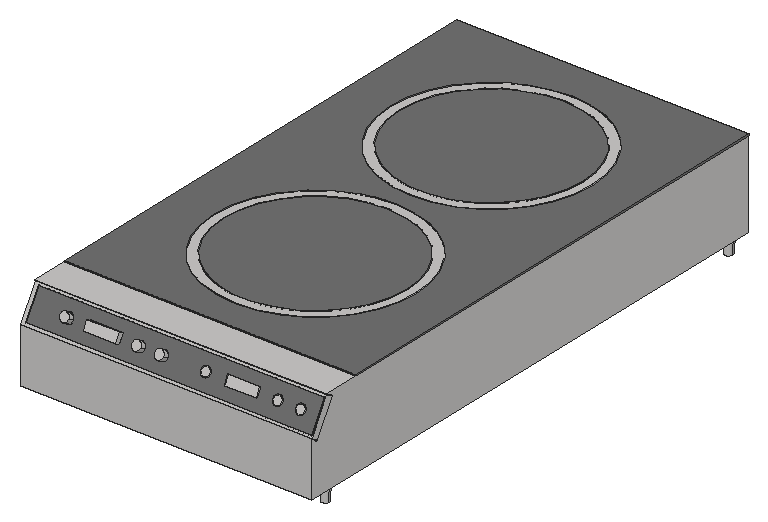
Revit family "QF_Vollrath 69507", category Specialty Equipment, Revit 2016
Family settings
  Part Type = Normal
  Round Connector Dimension = Use Diameter
  OmniClass Number = 23.40.40.14.17.14
  OmniClass Title = Hot Plates
  Work Plane-Based = No
  Always vertical = Yes
  Cut with Voids When Loaded = No
  Shared = No
  Room Calculation Point = No
Parameters (values of type "208V")
  Weight in Pounds = 44
  Watts = 6000 W
  Watermarked By = "http://revitwatermark.com"
  Volts = 208 V
  URL Cutsheet = ""
  URL = "www.vollrathco.com"
  Status [instance] = ""
  Specification by User [instance] = ""
  Specification by Manufacturer = ""
  Serial Number [instance] = ""
  Seismic Rating [instance] = ""
  SMACNA No [instance] = ""
  Revision Code [instance] = ""
  Phase = 1
  Number of Poles [instance] = 1
  NAFEM Spec ID Number [instance] = ""
  Model = "69507"
  Masterspec = ""
  Manufacturer = "Vollrath"
  Item Number [instance] = ""
  Installed By [instance] = ""
  Height AFF [instance] = 36.00"
  Furnished By [instance] = ""
  Foodservice Equipment Identifier [instance] = yes
  FL Amps = 29.2 A
  Electrical Remarks [instance] = ""
  Electric Connection Type [instance] = ""
  Elec Conn RI Height [instance] = 0.00"
  Elec Conn Connection Height [instance] = Height AFF + 2.00"  # 38.00"
  Description = "Induction Range, Countertop"
  Cycle = 60 Hz
  Conn Plug = "NEMA 6-50P"
  CSI MasterFormat = "11 42 13"
  Assembly Code = "E1090320"
  Apparent Power = if(Phase = 3, Volts * FL Amps * 1.73, Volts * FL Amps)  # 6073.6 VA
Types (2): name | Watts | Volts | Apparent Power
  208V | 6000 W | 208 V | 6073.6 VA
  240V | 7000 W | 240 V | 7008 VA
Reference planes (in)
  plane 1: z = 0
  plane 2 "LEFT": x = 48
  plane 3 "BACK": y = -48
  plane 4 "BOTTOM": z = 36
  plane 5 "RIGHT": x = 63.9
  plane 6 "FRONT": y = -77.75
  plane 7: z = 26.5796
  plane 8 "TOP": z = 41.81
  plane 9: z = 37
  plane 10: y = -45
  plane 11: x = 70.88764
  plane 12: z = 37.5
  plane 13: x = 57.40925
  plane 14: x = 56.69695
  plane 15: z = 41.7475
  plane 16: y = -74.75
  plane 17: x = 63.15
Forms (in)
  Extrusion 1, solid, material "QF_Finishes_Stainless Steel", not visible
    sketch origin (0, -75.61667, 13.94238) x (-1, 0, 0) y (0, 0.422618, 0.906308)
      loop
        line (-61.50401, 16.83949) -> (-49.55058, 16.83949) -> (-49.55058, 21.54291) -> (-61.50401, 21.54291) -> (-61.50401, 16.83949)
      loop
        circle (-51.11798, 19.07879) r 1.25
      loop
        circle (-51.11798, 19.07879) r 1
      loop
        line (-54.03077, 21.06689) -> (-57.03077, 21.06689) -> (-57.03077, 20.31689) -> (-54.03077, 20.31689) -> (-54.03077, 21.06689)
      loop
        circle (-54.03077, 17.5068) r 0.25
      loop
        circle (-56.78077, 17.5068) r 0.25
    from 0 to 0.68909
  Extrusion 2, solid, material "QF_Finishes_Black", not visible
    sketch origin (0, -75.54289, 2.05167) x (-1, 0, 0) y (0, 0.422618, 0.906308)
      loop
        circle (-51.11798, 29.82425) r 1.25
      loop
        circle (-51.11798, 29.82425) r 1
    from -5.0921 to -4.40301
  Extrusion 3, solid, material "QF_Finishes_Black", not visible
    sketch origin (0, -75.78725, 14.03463) x (-1, 0, 0) y (0, 0.406737, 0.913545)
      loop
        line (-57.03077, 21.03676) -> (-57.03077, 20.35703) -> (-54.03077, 20.35703) -> (-54.03077, 21.03676) -> (-57.03077, 21.03676)
      loop
        circle (-54.03077, 17.5068) r 0.25
      loop
        circle (-56.78077, 17.5068) r 0.25
    from 0.54411 to 1.25
  Extrusion 4, solid, material "QF_Finishes_Dark Grey", not visible
    sketch origin (0, -70.09177, 5.66795) x (-1, 0, 0) y (0, 0.422618, 0.906308)
      loop
        circle (-52.11896, 26.29929) r 0.25
      loop
        circle (-53.36896, 26.29929) r 0.25
      loop
        circle (-54.61896, 26.29929) r 0.25
      loop
        circle (-55.86896, 26.29929) r 0.25
      loop
        circle (-57.11896, 26.29929) r 0.25
      loop
        circle (-58.36896, 26.29929) r 0.25
    from 7.45399 to 7.92109
  Extrusion 5, solid, material "QF_Finishes_Stainless Steel", not visible
    sketch origin (0, -61.5, 0) x (-1, 0, 0) y (0, 0, 1)
      loop
        circle (-49.14244, 32.63817) r 0.1236
    from 0 to 12
  Extrusion 6, solid, material "QF_Finishes_Stainless Steel", not visible
    sketch origin (24.25, -61.5, 0) x (-1, 0, 0) y (0, 0, 1)
      loop
        circle (-49.14244, 32.63817) r 0.1236
    from 0 to 12
  Extrusion 7, solid, material "QF_Finishes_Stainless Steel", not visible
    sketch origin (0.75781, -61.5, 0) x (-1, 0, 0) y (0, 0, 1)
      loop
        circle (-49.14244, 32.63817) r 0.1236
    from 0 to 12
  Extrusion 8, solid, material "QF_Finishes_Stainless Steel", not visible
    sketch origin (1.51562, -61.5, 0) x (-1, 0, 0) y (0, 0, 1)
      loop
        circle (-49.14244, 32.63817) r 0.1236
    from 0 to 12
  Extrusion 9, solid, material "QF_Finishes_Stainless Steel", not visible
    sketch origin (2.27344, -61.5, 0) x (-1, 0, 0) y (0, 0, 1)
      loop
        circle (-49.14244, 32.63817) r 0.1236
    from 0 to 12
  Extrusion 10, solid, material "QF_Finishes_Stainless Steel", not visible
    sketch origin (3.03125, -61.5, 0) x (-1, 0, 0) y (0, 0, 1)
      loop
        circle (-49.14244, 32.63817) r 0.1236
    from 0 to 12
  Extrusion 11, solid, material "QF_Finishes_Stainless Steel", not visible
    sketch origin (3.78906, -61.5, 0) x (-1, 0, 0) y (0, 0, 1)
      loop
        circle (-49.14244, 32.63817) r 0.1236
    from 0 to 12
  Extrusion 12, solid, material "QF_Finishes_Stainless Steel", not visible
    sketch origin (4.54687, -61.5, 0) x (-1, 0, 0) y (0, 0, 1)
      loop
        circle (-49.14244, 32.63817) r 0.1236
    from 0 to 12
  Extrusion 13, solid, material "QF_Finishes_Stainless Steel", not visible
    sketch origin (5.30469, -61.5, 0) x (-1, 0, 0) y (0, 0, 1)
      loop
        circle (-49.14244, 32.63817) r 0.1236
    from 0 to 12
  Extrusion 14, solid, material "QF_Finishes_Stainless Steel", not visible
    sketch origin (6.0625, -61.5, 0) x (-1, 0, 0) y (0, 0, 1)
      loop
        circle (-49.14244, 32.63817) r 0.1236
    from 0 to 12
  Extrusion 15, solid, material "QF_Finishes_Stainless Steel", not visible
    sketch origin (6.82031, -61.5, 0) x (-1, 0, 0) y (0, 0, 1)
      loop
        circle (-49.14244, 32.63817) r 0.1236
    from 0 to 12
  Extrusion 16, solid, material "QF_Finishes_Stainless Steel", not visible
    sketch origin (7.57812, -61.5, 0) x (-1, 0, 0) y (0, 0, 1)
      loop
        circle (-49.14244, 32.63817) r 0.1236
    from 0 to 12
  Extrusion 17, solid, material "QF_Finishes_Stainless Steel", not visible
    sketch origin (8.33594, -61.5, 0) x (-1, 0, 0) y (0, 0, 1)
      loop
        circle (-49.14244, 32.63817) r 0.1236
    from 0 to 12
  Extrusion 18, solid, material "QF_Finishes_Stainless Steel", not visible
    sketch origin (9.09375, -61.5, 0) x (-1, 0, 0) y (0, 0, 1)
      loop
        circle (-49.14244, 32.63817) r 0.1236
    from 0 to 12
  Extrusion 19, solid, material "QF_Finishes_Stainless Steel", not visible
    sketch origin (9.85156, -61.5, 0) x (-1, 0, 0) y (0, 0, 1)
      loop
        circle (-49.14244, 32.63817) r 0.1236
    from 0 to 12
  Extrusion 20, solid, material "QF_Finishes_Stainless Steel", not visible
    sketch origin (10.60937, -61.5, 0) x (-1, 0, 0) y (0, 0, 1)
      loop
        circle (-49.14244, 32.63817) r 0.1236
    from 0 to 12
  Extrusion 21, solid, material "QF_Finishes_Stainless Steel", not visible
    sketch origin (11.36719, -61.5, 0) x (-1, 0, 0) y (0, 0, 1)
      loop
        circle (-49.14244, 32.63817) r 0.1236
    from 0 to 12
  Extrusion 22, solid, material "QF_Finishes_Stainless Steel", not visible
    sketch origin (12.125, -61.5, 0) x (-1, 0, 0) y (0, 0, 1)
      loop
        circle (-49.14244, 32.63817) r 0.1236
    from 0 to 12
  Extrusion 23, solid, material "QF_Finishes_Stainless Steel", not visible
    sketch origin (12.88281, -61.5, 0) x (-1, 0, 0) y (0, 0, 1)
      loop
        circle (-49.14244, 32.63817) r 0.1236
    from 0 to 12
  Extrusion 24, solid, material "QF_Finishes_Stainless Steel", not visible
    sketch origin (13.64062, -61.5, 0) x (-1, 0, 0) y (0, 0, 1)
      loop
        circle (-49.14244, 32.63817) r 0.1236
    from 0 to 12
  Extrusion 25, solid, material "QF_Finishes_Stainless Steel", not visible
    sketch origin (14.39844, -61.5, 0) x (-1, 0, 0) y (0, 0, 1)
      loop
        circle (-49.14244, 32.63817) r 0.1236
    from 0 to 12
  Extrusion 26, solid, material "QF_Finishes_Stainless Steel", not visible
    sketch origin (15.15625, -61.5, 0) x (-1, 0, 0) y (0, 0, 1)
      loop
        circle (-49.14244, 32.63817) r 0.1236
    from 0 to 12
  Extrusion 27, solid, material "QF_Finishes_Stainless Steel", not visible
    sketch origin (15.91406, -61.5, 0) x (-1, 0, 0) y (0, 0, 1)
      loop
        circle (-49.14244, 32.63817) r 0.1236
    from 0 to 12
  Extrusion 28, solid, material "QF_Finishes_Stainless Steel", not visible
    sketch origin (16.67187, -61.5, 0) x (-1, 0, 0) y (0, 0, 1)
      loop
        circle (-49.14244, 32.63817) r 0.1236
    from 0 to 12
  Extrusion 29, solid, material "QF_Finishes_Stainless Steel", not visible
    sketch origin (17.42969, -61.5, 0) x (-1, 0, 0) y (0, 0, 1)
      loop
        circle (-49.14244, 32.63817) r 0.1236
    from 0 to 12
  Extrusion 30, solid, material "QF_Finishes_Stainless Steel", not visible
    sketch origin (18.1875, -61.5, 0) x (-1, 0, 0) y (0, 0, 1)
      loop
        circle (-49.14244, 32.63817) r 0.1236
    from 0 to 12
  Extrusion 31, solid, material "QF_Finishes_Stainless Steel", not visible
    sketch origin (18.94531, -61.5, 0) x (-1, 0, 0) y (0, 0, 1)
      loop
        circle (-49.14244, 32.63817) r 0.1236
    from 0 to 12
  Extrusion 32, solid, material "QF_Finishes_Stainless Steel", not visible
    sketch origin (19.70312, -61.5, 0) x (-1, 0, 0) y (0, 0, 1)
      loop
        circle (-49.14244, 32.63817) r 0.1236
    from 0 to 12
  Extrusion 33, solid, material "QF_Finishes_Stainless Steel", not visible
    sketch origin (20.46094, -61.5, 0) x (-1, 0, 0) y (0, 0, 1)
      loop
        circle (-49.14244, 32.63817) r 0.1236
    from 0 to 12
  Extrusion 34, solid, material "QF_Finishes_Stainless Steel", not visible
    sketch origin (21.21875, -61.5, 0) x (-1, 0, 0) y (0, 0, 1)
      loop
        circle (-49.14244, 32.63817) r 0.1236
    from 0 to 12
  Extrusion 35, solid, material "QF_Finishes_Stainless Steel", not visible
    sketch origin (21.97656, -61.5, 0) x (-1, 0, 0) y (0, 0, 1)
      loop
        circle (-49.14244, 32.63817) r 0.1236
    from 0 to 12
  Extrusion 36, solid, material "QF_Finishes_Stainless Steel", not visible
    sketch origin (22.73437, -61.5, 0) x (-1, 0, 0) y (0, 0, 1)
      loop
        circle (-49.14244, 32.63817) r 0.1236
    from 0 to 12
  Extrusion 37, solid, material "QF_Finishes_Stainless Steel", not visible
    sketch origin (23.49219, -61.5, 0) x (-1, 0, 0) y (0, 0, 1)
      loop
        circle (-49.14244, 32.63817) r 0.1236
    from 0 to 12
  Extrusion 38, solid, material "QF_Finishes_Stainless Steel"
    sketch origin (0.7123, -74.56853, 8.37191) x (1, 0, 0) y (0, 0.5, 0.866025)
      loop
        line (47.2877, 27.77623) -> (47.2877, 25.78901) -> (63.1877, 25.78901) -> (63.1877, 27.77623) -> (47.2877, 27.77623)
      loop
        line (47.47803, 27.66901) -> (47.47803, 25.91901) -> (63.08313, 25.91901) -> (63.08313, 27.66901) -> (47.47803, 27.66901)
    from 18.14569 to 18.5
  Extrusion 39, solid, material "QF_Finishes_Stainless Steel"
    sketch origin (3.7123, -74.56853, 8.37191) x (1, 0, 0) y (0, 0.5, 0.866025)
      loop
        line (55.07331, 27.05441) -> (55.07331, 26.55441) -> (56.82331, 26.55441) -> (56.82331, 27.05441) -> (55.07331, 27.05441)
      loop
        circle (53.94695, 26.80981) r 0.25
      loop
        circle (57.87771, 26.79276) r 0.25
      loop
        circle (59.12771, 26.79276) r 0.25
    from 18.14569 to 18.5
  Extrusion 40, solid, material "QF_Finishes_Stainless Steel"
    sketch origin (0.7123, -74.56853, 8.37191) x (1, 0, 0) y (0, 0.5, 0.866025)
      loop
        circle (56.94695, 26.80981) r 0.25
      loop
        circle (60.87771, 26.79276) r 0.25
      loop
        line (58.07331, 27.05441) -> (58.07331, 26.55441) -> (59.82331, 26.55441) -> (59.82331, 27.05441) -> (58.07331, 27.05441)
      loop
        circle (62.12771, 26.79276) r 0.25
    from 18.14569 to 18.5
  Extrusion 41, solid, material "QF_Finishes_Dark Grey"
    sketch origin (0.7123, -75.06619, 8.58747) x (1, 0, 0) y (0, 0.5, 0.866025)
      loop
        line (47.47803, 25.98116) -> (63.08313, 25.98116) -> (63.08313, 27.73116) -> (47.47803, 27.73116) -> (47.47803, 25.98116)
      loop
        circle (62.11833, 26.8549) r 0.25
      loop
        circle (60.86833, 26.8549) r 0.25
      loop
        line (59.81393, 26.61655) -> (59.81393, 27.11655) -> (58.06393, 27.11655) -> (58.06393, 26.61655) -> (59.81393, 26.61655)
      loop
        circle (56.93757, 26.87196) r 0.25
    from 17.96123 to 17.60693
  Blend 42, solid, material "QF_Finishes_Stainless Steel"
    base sketch origin (0, 0, 0) x (1, 0, 0) y (0, 1, 0)
      loop
        circle (48.59304, -48.51168) r 0.20891
    top sketch origin (0, 0, 0) x (1, 0, 0) y (0, 1, 0)
      loop
        circle (48.59304, -48.51168) r 0.25
    from 36 to 37
  Blend 43, solid, material "QF_Finishes_Stainless Steel"
    base sketch origin (14.75, 0, 0) x (1, 0, 0) y (0, 1, 0)
      loop
        circle (48.49304, -48.51168) r 0.20891
    top sketch origin (14.75, 0, 0) x (1, 0, 0) y (0, 1, 0)
      loop
        circle (48.49304, -48.51168) r 0.25
    from 36 to 37
  Blend 44, solid, material "QF_Finishes_Stainless Steel"
    base sketch origin (0, -16.25, 0) x (1, 0, 0) y (0, 1, 0)
      loop
        circle (48.59304, -59.76168) r 0.20891
    top sketch origin (0, -16.25, 0) x (1, 0, 0) y (0, 1, 0)
      loop
        circle (48.59304, -59.76168) r 0.25
    from 36 to 37
  Blend 45, solid, material "QF_Finishes_Stainless Steel"
    base sketch origin (14.75, -16.25, 0) x (1, 0, 0) y (0, 1, 0)
      loop
        circle (48.49304, -59.76168) r 0.20891
    top sketch origin (14.75, -16.25, 0) x (1, 0, 0) y (0, 1, 0)
      loop
        circle (48.49304, -59.76168) r 0.25
    from 36 to 37
  Extrusion 46, solid, material "QF_Finishes_Stainless Steel", not visible
    sketch origin (0, -63.31853, -5.50809) x (1, 0, 0) y (0, 0.5, 0.866025)
      loop
        line (47.2877, 27.93) -> (47.2877, 25.68) -> (63.33689, 25.68) -> (63.33689, 27.93) -> (47.2877, 27.93)
      loop
        line (47.47803, 27.77623) -> (47.47803, 25.78901) -> (63.1877, 25.78901) -> (63.1877, 27.77623) -> (47.47803, 27.77623)
    from 18.14569 to 18.5
  Extrusion 47, solid, material "QF_Finishes_Stainless Steel", not visible
    sketch origin (0, -63.31853, -5.50809) x (1, 0, 0) y (0, 0.5, 0.866025)
      loop
        line (47.2877, 27.77623) -> (47.2877, 25.78901) -> (63.1877, 25.78901) -> (63.1877, 27.77623) -> (47.2877, 27.77623)
      loop
        line (47.47803, 27.66901) -> (47.47803, 25.91901) -> (63.08313, 25.91901) -> (63.08313, 27.66901) -> (47.47803, 27.66901)
    from 18.14569 to 18.5
  Extrusion 48, solid, material "QF_Finishes_Stainless Steel", not visible
    sketch origin (3, -63.31853, -5.50809) x (1, 0, 0) y (0, 0.5, 0.866025)
      loop
        line (55.07331, 27.05441) -> (55.07331, 26.55441) -> (56.82331, 26.55441) -> (56.82331, 27.05441) -> (55.07331, 27.05441)
      loop
        circle (53.94695, 26.80981) r 0.25
      loop
        circle (57.87771, 26.79276) r 0.25
      loop
        circle (59.12771, 26.79276) r 0.25
    from 18.14569 to 18.5
  Extrusion 49, solid, material "QF_Finishes_Stainless Steel", not visible
    sketch origin (0, -63.31853, -5.50809) x (1, 0, 0) y (0, 0.5, 0.866025)
      loop
        circle (56.94695, 26.80981) r 0.25
      loop
        circle (60.87771, 26.79276) r 0.25
      loop
        line (58.07331, 27.05441) -> (58.07331, 26.55441) -> (59.82331, 26.55441) -> (59.82331, 27.05441) -> (58.07331, 27.05441)
      loop
        circle (62.12771, 26.79276) r 0.25
    from 18.14569 to 18.5
  Extrusion 50, solid, material "QF_Finishes_Dark Grey", not visible
    sketch origin (0, -63.81619, -5.29253) x (1, 0, 0) y (0, 0.5, 0.866025)
      loop
        line (47.47803, 25.98116) -> (63.08313, 25.98116) -> (63.08313, 27.73116) -> (47.47803, 27.73116) -> (47.47803, 25.98116)
      loop
        circle (62.11833, 26.8549) r 0.25
      loop
        circle (60.86833, 26.8549) r 0.25
      loop
        line (59.81393, 26.61655) -> (59.81393, 27.11655) -> (58.06393, 27.11655) -> (58.06393, 26.61655) -> (59.81393, 26.61655)
      loop
        circle (56.93757, 26.87196) r 0.25
    from 17.96123 to 17.60693
  Extrusion 51, solid, material "QF_Finishes_Stainless Steel"
    sketch origin (-3.7877, -74.56853, 8.37191) x (1, 0, 0) y (0, 0.5, 0.866025)
      loop
        line (55.07331, 27.05441) -> (55.07331, 26.55441) -> (56.82331, 26.55441) -> (56.82331, 27.05441) -> (55.07331, 27.05441)
      loop
        circle (53.94695, 26.80981) r 0.25
      loop
        circle (57.87771, 26.79276) r 0.25
      loop
        circle (59.12771, 26.79276) r 0.25
    from 18.14569 to 18.5
  Extrusion 52, solid, material "QF_Finishes_Stainless Steel"
    sketch origin (-6.7877, -74.56853, 8.37191) x (1, 0, 0) y (0, 0.5, 0.866025)
      loop
        circle (56.94695, 26.80981) r 0.25
      loop
        circle (60.87771, 26.79276) r 0.25
      loop
        line (58.07331, 27.05441) -> (58.07331, 26.55441) -> (59.82331, 26.55441) -> (59.82331, 27.05441) -> (58.07331, 27.05441)
      loop
        circle (62.12771, 26.79276) r 0.25
    from 18.14569 to 18.76495
  Extrusion 53, solid, material "QF_Finishes_Stainless Steel", not visible
    sketch origin (-4.5, -63.31853, -5.50809) x (1, 0, 0) y (0, 0.5, 0.866025)
      loop
        line (55.07331, 27.05441) -> (55.07331, 26.55441) -> (56.82331, 26.55441) -> (56.82331, 27.05441) -> (55.07331, 27.05441)
      loop
        circle (53.94695, 26.80981) r 0.25
      loop
        circle (57.87771, 26.79276) r 0.25
      loop
        circle (59.12771, 26.79276) r 0.25
    from 18.14569 to 18.5
  Extrusion 54, solid, material "QF_Finishes_Stainless Steel", not visible
    sketch origin (-7.5, -63.31853, -5.50809) x (1, 0, 0) y (0, 0.5, 0.866025)
      loop
        circle (56.94695, 26.80981) r 0.25
      loop
        circle (60.87771, 26.79276) r 0.25
      loop
        line (58.07331, 27.05441) -> (58.07331, 26.55441) -> (59.82331, 26.55441) -> (59.82331, 27.05441) -> (58.07331, 27.05441)
      loop
        circle (62.12771, 26.79276) r 0.25
    from 18.14569 to 18.76495
  Extrusion 55, solid, material "QF_Finishes_Dark Grey"
    sketch origin (0, 0, 0) x (1, 0, 0) y (0, 1, 0)
      loop
        line (63.9, -48) -> (48, -48) -> (48, -74.75) -> (63.9, -74.75) -> (63.9, -48)
      loop
        circle (55.97023, -55.60442) r 5.5
      loop
        circle (55.97023, -55.60442) r 5
      loop
        circle (55.97023, -67.60442) r 5.5
      loop
        circle (55.97023, -67.60442) r 5
    from 41.7475 to 41.81
  Extrusion 56, solid, material "QF_Finishes_Stainless Steel"
    sketch origin (0, 1, 0) x (1, 0, 0) y (0, 1, 0)
      loop
        circle (55.97023, -56.60442) r 5.5
      loop
        circle (55.97023, -56.60442) r 5
      loop
        circle (55.97023, -68.60442) r 5.5
      loop
        circle (55.97023, -68.60442) r 5
    from 41.7475 to 41.81
  Extrusion 57, solid, material "QF_Finishes_Stainless Steel"
    sketch origin (48, 0, 0) x (0, 1, 0) y (0, 0, 1)
      loop
        line (-77.75, 37) -> (-48, 37) -> (-48, 41.7475) -> (-76.74232, 41.7475) -> (-76.37455, 41.53517) -> (-77.39921, 39.76042) -> (-77.75, 39.9918) -> (-77.75, 37)
    from 0 to 15.9
  Extrusion 58, solid, material "QF_Finishes_Stainless Steel"
    sketch origin (0, -48, 0) x (1, 0, 0) y (0, 0, 1)
      loop
        circle (63.15, 37.5) r 0.25
    from 0 to -0.29807
  Extrusion 59, solid, material "QF_Finishes_Clearances", detail levels coarse
    sketch origin (0, 0, 0) x (1, 0, 0) y (0, 1, 0)
      loop
        line (48, -45) -> (48, -48) -> (63.9, -48) -> (63.9, -45) -> (48, -45)
    from 36 to 41.81
Lines and regions (in)
  symbolic lines
    curve 1: line (63.9, -48, 0) -> (48, -48, 0)
    curve 2: line (48, -48, 0) -> (48, -77.75, 0)
    curve 3: line (63.9, -77.75, 0) -> (63.9, -48, 0)
    curve 4: line (63.9, -76.39505, 0) -> (48, -76.39505, 0)
    curve 5: arc (61.47023, -55.60442, 0) -> (55.97023, -50.10442, 0) -> (50.47023, -55.60442, 0) r 5.5
    curve 6: arc (50.97023, -55.60442, 0) -> (55.97023, -50.60442, 0) -> (60.97023, -55.60442, 0) r 5
    curve 7: arc (50.47023, -55.60442, 0) -> (55.97023, -61.10442, 0) -> (61.47023, -55.60442, 0) r 5.5
    curve 8: arc (60.97023, -55.60442, 0) -> (55.97023, -60.60442, 0) -> (50.97023, -55.60442, 0) r 5
    curve 9: line (48, -77.75, 0) -> (63.9, -77.75, 0)
    curve 10: arc (61.47023, -67.60442, 0) -> (55.97023, -62.10442, 0) -> (50.47023, -67.60442, 0) r 5.5
    curve 11: arc (50.97023, -67.60442, 0) -> (55.97023, -62.60442, 0) -> (60.97023, -67.60442, 0) r 5
    curve 12: arc (50.47023, -67.60442, 0) -> (55.97023, -73.10442, 0) -> (61.47023, -67.60442, 0) r 5.5
    curve 13: arc (60.97023, -67.60442, 0) -> (55.97023, -72.60442, 0) -> (50.97023, -67.60442, 0) r 5
    curve 14: line (48, -74.75, 0) -> (63.9, -74.75, 0)
Dimensions and locks (in)
  "Height AFF": plane 4 "BOTTOM" to level
  plane 6 "FRONT" to plane 3 "BACK" = 29.75"
  plane 3 "BACK" to plane 10 = 3.00"
  locked: plane 9 to plane 4 "BOTTOM" at 1
  Blend 42 sketch curve to plane 3 "BACK" = 0.51168"
  locked: Blend 42 sketch curve to plane 3 "BACK" at 0.51168
  plane 8 "TOP" to plane 9 = 4.81"
  locked: plane 12 to plane 9 at 0.5
  locked: plane 8 "TOP" to Extrusion 41 at 0.98488
  plane 2 "LEFT" to plane 5 "RIGHT" = 15.90"
  locked: plane 15 to plane 8 "TOP" at 0.0625
  plane 8 "TOP" to plane 4 "BOTTOM" = 5.81"
  aligned and locked: level to plane 1
  aligned and locked: Extrusion 2 sketch curve to Extrusion 1  (x4)
  aligned and locked: Extrusion 40 sketch curve to Extrusion 39  (x2)
  aligned and locked: Extrusion 38 to Extrusion 41 sketch curve
  aligned and locked: Extrusion 41 sketch curve to Extrusion 38
  aligned and locked: Extrusion 40 to Extrusion 41 sketch curve
  aligned and locked: Extrusion 41 sketch curve to Extrusion 40
  aligned and locked: plane 9 to Blend 44
  aligned and locked: Blend 44 to plane 4 "BOTTOM"
  aligned and locked: plane 9 to Blend 45
  aligned and locked: Blend 45 to plane 4 "BOTTOM"
  aligned and locked: plane 9 to Blend 43
  aligned and locked: Blend 43 to plane 4 "BOTTOM"
  aligned and locked: plane 9 to Blend 42
  aligned and locked: Blend 42 to plane 4 "BOTTOM"
  aligned and locked: Extrusion 38 to Extrusion 40  (x2)
  aligned and locked: Extrusion 38 to Extrusion 41  (x3)
  aligned and locked: Extrusion 38 to Extrusion 39  (x2)
  aligned and locked: Extrusion 47 sketch curve to Extrusion 46
  aligned and locked: Extrusion 46 to Extrusion 47 sketch curve
  aligned and locked: Extrusion 49 sketch curve to Extrusion 48  (x2)
  aligned and locked: Extrusion 47 to Extrusion 50 sketch curve
  aligned and locked: Extrusion 50 sketch curve to Extrusion 47
  aligned and locked: Extrusion 49 to Extrusion 50 sketch curve
  aligned and locked: Extrusion 50 sketch curve to Extrusion 49
  aligned and locked: Extrusion 52 sketch curve to Extrusion 51  (x2)
  aligned and locked: Extrusion 54 sketch curve to Extrusion 53  (x2)
  aligned and locked: plane 8 "TOP" to Extrusion 56
  aligned and locked: plane 15 to Extrusion 56
  aligned and locked: plane 8 "TOP" to Extrusion 55
  aligned and locked: plane 15 to Extrusion 55
  aligned and locked: plane 6 "FRONT" to Extrusion 57 sketch curve
  aligned and locked: plane 9 to Extrusion 57 sketch curve
  aligned and locked: plane 3 "BACK" to Extrusion 57 sketch curve
  aligned and locked: plane 15 to Extrusion 57 sketch curve
  aligned and locked: plane 2 "LEFT" to Extrusion 59 sketch curve
  aligned and locked: Extrusion 59 sketch curve to curve 1
  aligned and locked: Extrusion 59 sketch curve to curve 3
  aligned and locked: plane 8 "TOP" to Extrusion 59
  aligned and locked: Extrusion 59 to plane 4 "BOTTOM"
Automatic sketch dimensions
  Extrusion 1 sketch curve to Extrusion 1 sketch curve = 0.00"  (x5)
  Extrusion 1 sketch curve to Extrusion 1 sketch curve = 4.47324"
  Extrusion 1 sketch curve to Extrusion 1 sketch curve = 0.25"
  Extrusion 1 sketch curve to Extrusion 1 sketch curve = 3.00"
  Extrusion 1 sketch curve to Extrusion 1 sketch curve = 2.75"
  Extrusion 1 sketch curve to Extrusion 1 sketch curve = 1.56739"
  Extrusion 1 sketch curve to Extrusion 1 sketch curve = 0.66732"
  Extrusion 1 sketch curve to Extrusion 1 sketch curve = 2.2393"
  Extrusion 1 sketch curve to Extrusion 1 sketch curve = 2.81008"
  Extrusion 1 sketch curve to Extrusion 1 sketch curve = 0.75"
  Extrusion 3 sketch curve to Extrusion 3 sketch curve = 3.00"
  Extrusion 1 sketch curve to Extrusion 1 sketch curve = 2.46412"
  Extrusion 3 sketch curve to Extrusion 3 sketch curve = 0.00"  (x6)
  Extrusion 3 sketch curve to Extrusion 3 sketch curve = 0.25"  (x2)
  Extrusion 3 sketch curve to Extrusion 3 sketch curve = 2.25"
  Extrusion 3 sketch curve to Extrusion 3 sketch curve = 2.85023"
  Extrusion 3 sketch curve to Extrusion 3 sketch curve = 0.67973"
  Extrusion 1 sketch curve to Extrusion 1 sketch curve = 2.9128"
  Extrusion 4 sketch curve to Extrusion 4 sketch curve = 1.25"  (x5)
  Extrusion 4 sketch curve to Extrusion 4 sketch curve = 0.00"  (x5)
  Extrusion 38 sketch curve to Extrusion 38 sketch curve = 0.19033"
  Extrusion 38 sketch curve to Extrusion 38 sketch curve = 0.10457"
  Extrusion 38 sketch curve to Extrusion 38 sketch curve = 0.13"
  Extrusion 38 sketch curve to Extrusion 38 sketch curve = 0.10721"
  Extrusion 39 sketch curve to Extrusion 39 sketch curve = 1.0544"
  Extrusion 39 sketch curve to Extrusion 39 sketch curve = 1.25"
  Extrusion 39 sketch curve to Extrusion 39 sketch curve = 0.23835"
  Extrusion 39 sketch curve to Extrusion 39 sketch curve = 0.00"
  Extrusion 39 sketch curve to Extrusion 39 sketch curve = 0.25541"
  Extrusion 39 sketch curve to Extrusion 39 sketch curve = 0.50"
  Extrusion 40 sketch curve to Extrusion 40 sketch curve = 0.25"  (x3)
  Extrusion 40 sketch curve to Extrusion 40 sketch curve = 0.8044"
  Extrusion 40 sketch curve to Extrusion 40 sketch curve = 0.75"
  Extrusion 40 sketch curve to Extrusion 40 sketch curve = 0.23835"
  Extrusion 40 sketch curve to Extrusion 40 sketch curve = 0.00"  (x4)
  Extrusion 40 sketch curve to Extrusion 40 sketch curve = 0.24459"
  plane 13 to Extrusion 41 sketch curve = 0.00939"
  Extrusion 41 sketch curve to plane 13 = 0.24061"
  Extrusion 41 sketch curve to Extrusion 41 sketch curve = 0.8044"
  Extrusion 41 sketch curve to Extrusion 41 sketch curve = 0.25"  (x2)
  Extrusion 41 sketch curve to Extrusion 41 sketch curve = 0.75"
  Extrusion 41 sketch curve to Extrusion 41 sketch curve = 0.7148"
  Extrusion 41 sketch curve to Extrusion 41 sketch curve = 0.23835"
  Extrusion 41 sketch curve to Extrusion 41 sketch curve = 0.00"  (x3)
  Extrusion 41 sketch curve to Extrusion 41 sketch curve = 0.24459"
  plane 2 "LEFT" to Blend 42 sketch curve = 0.59304"  (x2)
  Blend 43 sketch curve to plane 5 "RIGHT" = 0.65696"  (x2)
  plane 3 "BACK" to Blend 43 sketch curve = 0.51168"  (x2)
  plane 2 "LEFT" to Blend 44 sketch curve = 0.59304"  (x2)
  Blend 45 sketch curve to plane 5 "RIGHT" = 0.65696"  (x2)
  Extrusion 51 sketch curve to Extrusion 51 sketch curve = 1.0544"
  Extrusion 51 sketch curve to Extrusion 51 sketch curve = 1.25"
  Extrusion 51 sketch curve to Extrusion 51 sketch curve = 0.23835"
  Extrusion 51 sketch curve to Extrusion 51 sketch curve = 0.00"
  Extrusion 51 sketch curve to Extrusion 51 sketch curve = 0.25541"
  Extrusion 51 sketch curve to Extrusion 51 sketch curve = 0.50"
  Extrusion 52 sketch curve to Extrusion 52 sketch curve = 0.25"  (x3)
  Extrusion 52 sketch curve to Extrusion 52 sketch curve = 0.8044"
  Extrusion 52 sketch curve to Extrusion 52 sketch curve = 0.75"
  Extrusion 52 sketch curve to Extrusion 52 sketch curve = 0.23835"
  Extrusion 52 sketch curve to Extrusion 52 sketch curve = 0.00"  (x4)
  Extrusion 52 sketch curve to Extrusion 52 sketch curve = 0.24459"
  Extrusion 46 sketch curve to Extrusion 46 sketch curve = 0.19033"
  Extrusion 46 sketch curve to Extrusion 46 sketch curve = 0.14919"
  Extrusion 46 sketch curve to Extrusion 46 sketch curve = 0.10901"
  Extrusion 46 sketch curve to Extrusion 46 sketch curve = 1.98721"
  Extrusion 46 sketch curve to Extrusion 46 sketch curve = 0.15377"
  Extrusion 47 sketch curve to Extrusion 47 sketch curve = 0.19033"
  Extrusion 47 sketch curve to Extrusion 47 sketch curve = 0.10457"
  Extrusion 47 sketch curve to Extrusion 47 sketch curve = 0.13"
  Extrusion 47 sketch curve to Extrusion 47 sketch curve = 0.10721"
  Extrusion 48 sketch curve to Extrusion 48 sketch curve = 1.0544"
  Extrusion 48 sketch curve to Extrusion 48 sketch curve = 1.25"
  Extrusion 48 sketch curve to Extrusion 48 sketch curve = 0.23835"
  Extrusion 48 sketch curve to Extrusion 48 sketch curve = 0.00"
  Extrusion 48 sketch curve to Extrusion 48 sketch curve = 0.25541"
  Extrusion 48 sketch curve to Extrusion 48 sketch curve = 0.50"
  Extrusion 49 sketch curve to Extrusion 49 sketch curve = 0.25"  (x3)
  Extrusion 49 sketch curve to Extrusion 49 sketch curve = 0.8044"
  Extrusion 49 sketch curve to Extrusion 49 sketch curve = 0.75"
  Extrusion 49 sketch curve to Extrusion 49 sketch curve = 0.23835"
  Extrusion 49 sketch curve to Extrusion 49 sketch curve = 0.00"  (x4)
  Extrusion 49 sketch curve to Extrusion 49 sketch curve = 0.24459"
  plane 14 to Extrusion 50 sketch curve = 0.00939"
  Extrusion 50 sketch curve to plane 14 = 0.24061"
  Extrusion 50 sketch curve to Extrusion 50 sketch curve = 0.8044"
  Extrusion 50 sketch curve to Extrusion 50 sketch curve = 0.25"  (x2)
  Extrusion 50 sketch curve to Extrusion 50 sketch curve = 0.75"
  Extrusion 50 sketch curve to Extrusion 50 sketch curve = 0.7148"
  Extrusion 50 sketch curve to Extrusion 50 sketch curve = 0.23835"
  Extrusion 50 sketch curve to Extrusion 50 sketch curve = 0.00"  (x3)
  Extrusion 50 sketch curve to Extrusion 50 sketch curve = 0.24459"
  Extrusion 38 sketch curve to Extrusion 38 sketch curve = 15.6051"
  Extrusion 38 sketch curve to Extrusion 38 sketch curve = 1.75"
  Extrusion 39 sketch curve to Extrusion 39 sketch curve = 1.12636"
  Extrusion 39 sketch curve to Extrusion 39 sketch curve = 1.75"
  Extrusion 40 sketch curve to Extrusion 40 sketch curve = 0.87636"
  Extrusion 40 sketch curve to Extrusion 40 sketch curve = 1.75"
  plane 13 to Extrusion 41 sketch curve = 9.21892"
  Extrusion 41 sketch curve to Extrusion 41 sketch curve = 0.87636"
  Extrusion 41 sketch curve to Extrusion 41 sketch curve = 1.75"
  Extrusion 51 sketch curve to Extrusion 51 sketch curve = 1.12636"
  Extrusion 51 sketch curve to Extrusion 51 sketch curve = 1.75"
  Extrusion 52 sketch curve to Extrusion 52 sketch curve = 0.87636"
  Extrusion 52 sketch curve to Extrusion 52 sketch curve = 1.75"
  Extrusion 47 sketch curve to Extrusion 47 sketch curve = 15.6051"
  Extrusion 47 sketch curve to Extrusion 47 sketch curve = 1.75"
  Extrusion 48 sketch curve to Extrusion 48 sketch curve = 1.12636"
  Extrusion 48 sketch curve to Extrusion 48 sketch curve = 1.75"
  Extrusion 49 sketch curve to Extrusion 49 sketch curve = 0.87636"
  Extrusion 49 sketch curve to Extrusion 49 sketch curve = 1.75"
  plane 14 to Extrusion 50 sketch curve = 9.21892"
  Extrusion 50 sketch curve to Extrusion 50 sketch curve = 0.87636"
  Extrusion 50 sketch curve to Extrusion 50 sketch curve = 1.75"
  Extrusion 53 sketch curve to Extrusion 53 sketch curve = 1.12636"
  Extrusion 53 sketch curve to Extrusion 53 sketch curve = 1.75"
  Extrusion 54 sketch curve to Extrusion 54 sketch curve = 0.00"  (x3)
  Extrusion 54 sketch curve to Extrusion 54 sketch curve = 0.87636"
  Extrusion 54 sketch curve to Extrusion 54 sketch curve = 1.75"
  plane 6 "FRONT" to Blend 44 sketch curve = 1.73832"  (x2)
  plane 6 "FRONT" to Blend 45 sketch curve = 1.73832"  (x2)
  Extrusion 55 sketch curve to Extrusion 55 sketch curve = 0.00"  (x24)
  Extrusion 55 sketch curve to plane 2 "LEFT" = 0.00"
  plane 3 "BACK" to Extrusion 55 sketch curve = 0.00"
  Extrusion 55 sketch curve to plane 5 "RIGHT" = 0.00"
  plane 2 "LEFT" to Extrusion 55 sketch curve = 2.47023"  (x2)
  Extrusion 55 sketch curve to Extrusion 55 sketch curve = 0.50"  (x2)
  Extrusion 55 sketch curve to Extrusion 55 sketch curve = 5.00"  (x2)
  plane 3 "BACK" to Extrusion 55 sketch curve = 7.60442"
  plane 6 "FRONT" to Extrusion 55 sketch curve = 10.14558"
  plane 6 "FRONT" to Extrusion 55 sketch curve = 3.00"
  curve 5 to curve 6 = 0.00"
  curve 5 to curve 8 = 0.00"
  curve 10 to curve 11 = 0.00"  (x2)
  curve 9 to plane 2 "LEFT" = 0.00"
  curve 3 to plane 5 "RIGHT" = 0.00"
  curve 9 to plane 6 "FRONT" = 0.00"
  plane 3 "BACK" to curve 2 = 0.00"
  plane 2 "LEFT" to curve 12 = 2.47023"
  plane 2 "LEFT" to curve 7 = 2.47023"
  curve 10 to curve 11 = 0.50"
  curve 5 to curve 8 = 0.50"
  curve 6 to curve 6 = 5.00"
  curve 11 to curve 12 = 5.00"
  curve 3 to curve 4 = 1.35495"
  curve 4 to curve 12 = 8.79062"
  plane 3 "BACK" to curve 7 = 7.60442"
  Extrusion 56 sketch curve to Extrusion 56 sketch curve = 0.00"  (x4)
  plane 2 "LEFT" to Extrusion 56 sketch curve = 2.47023"  (x2)
  Extrusion 56 sketch curve to Extrusion 56 sketch curve = 0.50"  (x2)
  Extrusion 56 sketch curve to Extrusion 56 sketch curve = 5.00"  (x2)
  plane 3 "BACK" to Extrusion 56 sketch curve = 7.60442"
  plane 6 "FRONT" to Extrusion 56 sketch curve = 10.14558"
  plane 6 "FRONT" to Extrusion 57 sketch curve = 0.35079"
  plane 6 "FRONT" to Extrusion 57 sketch curve = 1.00768"
  plane 15 to Extrusion 57 sketch curve = 0.21233"
  Extrusion 57 sketch curve to Extrusion 57 sketch curve = 0.36776"
  Extrusion 57 sketch curve to Extrusion 57 sketch curve = 0.23138"
  plane 16 to curve 14 = 0.00"
  Extrusion 58 sketch curve to plane 12 = 0.00"
  Extrusion 58 sketch curve to plane 17 = 0.00"
  Extrusion 59 sketch curve to plane 10 = 0.00"
  radius of Extrusion 1 sketch curve = 1.25"
  radius of Extrusion 1 sketch curve = 1.00"
  radius of Extrusion 1 sketch curve = 0.25"  (x2)
  radius of Extrusion 4 sketch curve = 0.25"  (x6)
  radius of Extrusion 5 sketch curve = 0.1236"
  radius of Extrusion 6 sketch curve = 0.1236"
  radius of Extrusion 7 sketch curve = 0.1236"
  radius of Extrusion 8 sketch curve = 0.1236"
  radius of Extrusion 9 sketch curve = 0.1236"
  radius of Extrusion 10 sketch curve = 0.1236"
  radius of Extrusion 11 sketch curve = 0.1236"
  radius of Extrusion 12 sketch curve = 0.1236"
  radius of Extrusion 13 sketch curve = 0.1236"
  radius of Extrusion 14 sketch curve = 0.1236"
  radius of Extrusion 15 sketch curve = 0.1236"
  radius of Extrusion 16 sketch curve = 0.1236"
  radius of Extrusion 17 sketch curve = 0.1236"
  radius of Extrusion 18 sketch curve = 0.1236"
  radius of Extrusion 19 sketch curve = 0.1236"
  radius of Extrusion 20 sketch curve = 0.1236"
  radius of Extrusion 21 sketch curve = 0.1236"
  radius of Extrusion 22 sketch curve = 0.1236"
  radius of Extrusion 23 sketch curve = 0.1236"
  radius of Extrusion 24 sketch curve = 0.1236"
  radius of Extrusion 25 sketch curve = 0.1236"
  radius of Extrusion 26 sketch curve = 0.1236"
  radius of Extrusion 27 sketch curve = 0.1236"
  radius of Extrusion 28 sketch curve = 0.1236"
  radius of Extrusion 29 sketch curve = 0.1236"
  radius of Extrusion 30 sketch curve = 0.1236"
  radius of Extrusion 31 sketch curve = 0.1236"
  radius of Extrusion 32 sketch curve = 0.1236"
  radius of Extrusion 33 sketch curve = 0.1236"
  radius of Extrusion 34 sketch curve = 0.1236"
  radius of Extrusion 35 sketch curve = 0.1236"
  radius of Extrusion 36 sketch curve = 0.1236"
  radius of Extrusion 37 sketch curve = 0.1236"
  radius of Extrusion 39 sketch curve = 0.25"  (x3)
  radius of Blend 42 sketch curve = 0.20891"
  radius of Blend 42 sketch curve = 0.25"
  radius of Blend 43 sketch curve = 0.20891"
  radius of Blend 43 sketch curve = 0.25"
  radius of Blend 44 sketch curve = 0.20891"
  radius of Blend 44 sketch curve = 0.25"
  radius of Blend 45 sketch curve = 0.20891"
  radius of Blend 45 sketch curve = 0.25"
  radius of Extrusion 51 sketch curve = 0.25"  (x3)
  radius of Extrusion 48 sketch curve = 0.25"  (x3)
  radius of Extrusion 58 sketch curve = 0.25"
Connectors (in)
  electrical at (63.15, -47.70193, 37.5), driven by "Number of Poles", driven by "Volts", driven by "Apparent Power"
    settings: on Extrusion 58, index 1, voltage 208 V, apparent load 6073.6 VA, apparent load phase1 0 VA, apparent load phase2 0 VA, apparent load phase3 0 VA, power factor 1, load classification "Other", number of poles 1, system type 30, power factor state 1, is connector primary yes, connector utility no, sub classification motor no, connector description "Electric Connection"
